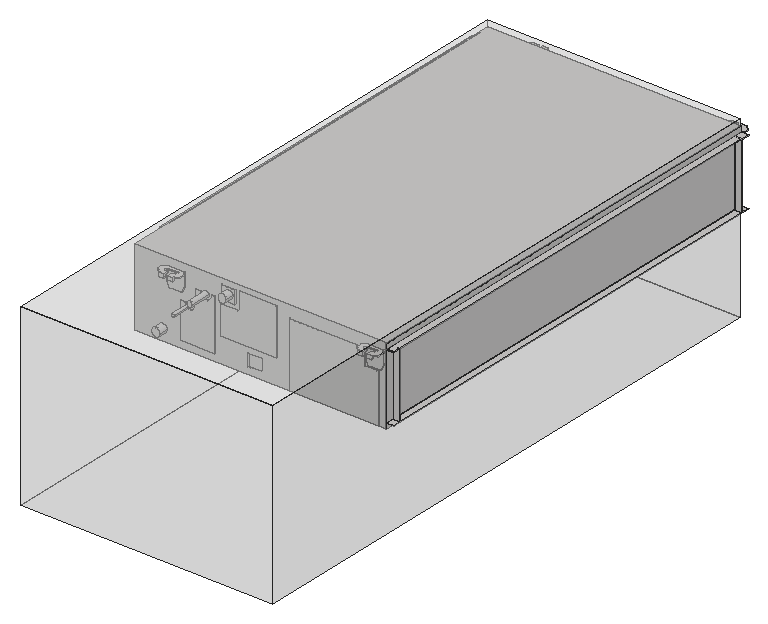
Revit family "outputfile", category 機械設備, Revit 2024
Family settings
  丸型コネクタ寸法 = 半径を使用
  パーツ タイプ = 標準
  OmniClass 番号 = 23.75.10.24.21.27.27
  OmniClass タイトル = Split System Air Conditioning Units
  作業面ベース = いいえ
  常に垂直 = はい
  ロード時にボイドで切り取り = いいえ
  注釈の向きを維持 = いいえ
  共有 = いいえ
  部屋計算ポイント = はい
Parameters (values of type "FBA48CV2S")
  製造元 = "Daikin"
  書き出し IFC クラス(タイプ) = "IfcUnitaryEquipmentType"
  定義済み IFC タイプ(タイプ) = "AIRCONDITIONINGUNIT"
  モデル = "FBA48CV2S"
  switch_frequency = yes
  r_Liquid Pipe Size = Liquid Pipe Size / 2  # 4.75 mm
  r_Gas Pipe Size = Gas Pipe Size / 2  # 7.95 mm
  r_Drain Pipe Size = Drain Pipe Size / 2  # 12.5 mm
  lw_power = 770.0 mm  # constant formula
  lh_SA = 138.0 mm  # constant formula
  lw_SA = if(Width = 550.0 mm, 225.0 mm, if(Width = 700.0 mm, 300.0 mm, if(Width = 1000.0 mm, 450.0 mm, if(Width = 1400.0 mm, 650.0 mm, 725.0 mm))))  # 650.0 mm
  lw_RA = if(Width = 550.0 mm, 275.0 mm, if(Width = 700.0 mm, 349.0 mm, if(Width = 1000.0 mm, 499.0 mm, if(Width = 1400.0 mm, 699.0 mm, 775.0 mm))))  # 699.0 mm
  lh_power = 60.0 mm + [h***]  # 60.0 mm
  lh_mountinghole1 = lh_mountinghole + [h***]  # 222.0 mm
  lh_RA = 123.0 mm  # constant formula
  ld_power = Width / 2  # 700.0 mm
  connector_voltage = Voltage_50Hz  # 220 V
  connector_powerinput = [Power Input (Cooling)]  # 5.444 kW
  connector_phase = Phase_50Hz  # 1
  Voltage_comment_50Hz = "220 - 240"
  Voltage_50Hz = 220 V
  Supply Air Direction [instance] = yes
  Phase_50Hz = 1
  Minimum External Static Pressure = 50.00 Pa
  Maximum External Static Pressure = 150.00 Pa
  Material_Casing = DAIKIN_GalvanizedSteel_Casing_indoorunit
  lw_mountinghole = 630.0 mm  # constant formula
  lh_gaspipe = 183.0 mm + [h***]  # 183.0 mm
  lh_mountinghole = 222.0 mm  # constant formula
  lh_liquidpipe = 136.0 mm + [h***]  # 136.0 mm
  lh_drainpipe = 207.0 mm + [h***]  # 207.0 mm
  lh_antena = Height - lh_mountinghole + 1.0 mm  # 24.0 mm
  ld_drainpipe = Width / 2 + 26.0 mm  # 726.0 mm
  ld_liquidpipe = Width / 2 + 69.0 mm  # 769.0 mm
  ld_gaspipe = Width / 2 + 65.0 mm  # 765.0 mm
  ld_mountinghole = Width + 38.0 mm  # 1438.0 mm
  h*** = 0.0 mm  # constant formula
  lw_liquidpipe = 179.0 mm  # constant formula
  lw_gaspipe = 229.0 mm  # constant formula
  lw_drainpipe = 300.0 mm  # constant formula
  Width = 1400.0 mm
  Version = "ver.1.0"
  Unit Type = "Duct"
  Unit Mass Weight = 47.00 kg
  Unit Designation [instance] = ""
  Uniclass2015Version = "Products v1.30"
  Uniclass2015Title = "Split coil room air conditioning units"
  Uniclass2015Code = "Pr_70_65_03_86"
  Total Cooling Capacity [instance] = 0.000 kW
  Sound Pressure Level_M speed (dBA) = 37.5
  Sound Pressure Level_L speed (dBA) = 35
  Sound Pressure Level_H speed (dBA) = 40
  Series = "SkyAir_Fan Coil Unit"
  Sensible Cooling Capacity [instance] = 0.000 kW
  SA Duct Size Width = 1192.0 mm
  SA Duct Size Height = 176.0 mm
  Refrigerant Type = "R32"
  RA Duct Size Width = 1352.0 mm
  RA Duct Size Height = 208.0 mm
  Power Input (Cooling) = 5.444 kW
  Option Accessory 3 [instance] = ""
  Option Accessory 2 [instance] = ""
  Option Accessory 1 [instance] = ""
  Nominal Cooling Capacity = 14.100 kW
  Minimum Airflow = 1500.00 m³/h
  Median Airflow = 1830.00 m³/h
  Maximum Airflow = 2160.00 m³/h
  Load Classification = HVAC
  Liquid Pipe Size = 9.5 mm
  Link_Nested Family [instance] = ""
  IfcVersion = ""
  IfcExportType = "AIRCONDITIONINGUNIT"
  IfcExportAs = "IfcUnitaryEquipmentType"
  Height = 245.0 mm
  Heat Exchanger Type = "Cross Fin Coil"
  Gas Pipe Size = 15.9 mm
  Frequency_50Hz = 50 Hz
  Fan Type = "Sirocco Fan"
  Fan Drive = "Direct Drive"
  FCU Tag No. [instance] = ""
  Drain Pipe Size = 25.0 mm
  Design Supply Airflow [instance] = 0.00 m³/h
  Design Return Airflow [instance] = 0.00 m³/h
  Design External Static Pressure [instance] = 0.00 Pa
  Depth = 800.0 mm
  既定の高さ = 0.0 mm
  Cooling Entering Wet Bulb Temperature [instance] = 0.00 °C
  Cooling Entering Dry Bulb Temperature [instance] = 0.00 °C
  Cooling Ambient Wet Bulb Temperature [instance] = 0.00 °C
  Cooling Ambient Dry Bulb Temperature [instance] = 0.00 °C
  Clearance visibility [instance] = yes
  Clearance Top = 20.0 mm
  Clearance Right = 0.0 mm
  Clearance Rear = 0.0 mm
  Clearance Left = 0.0 mm
  Clearance Front = 450.0 mm
  Clearance Bottom = 300.0 mm
Reference planes
  plane 1 "Center (Front/Back)": y = 0
  plane 2 "h": z = 0
  plane 3 "Center (Left/Right)": x = 0
  plane 4 "Back": y = 700
  plane 5 "Front": y = -700
  plane 6 "Left": x = -400
  plane 7 "Right": x = 400
  plane 8 "Top": z = 0
  plane 9 "Bottom": z = -245
  plane 10: y = -215
  plane 11: y = 700
  plane 12: y = -1150
  plane 13: x = -400
  plane 14: x = 400
  plane 15: z = 20
  plane 16: z = -545
  plane 17: x = -400
  plane 18: x = -399
  plane 19: x = 399
  plane 20: y = 50
  plane 21: y = -1
  plane 22: z = -122
  plane 23: y = -701
  plane 24: z = -109
  plane 25: x = -221
  plane 26: y = -765
  plane 27: z = -62
  plane 28: x = -171
  plane 29: y = -726
  plane 30: z = -38
  plane 31: x = -100
  plane 32: x = -100
  plane 33: x = -221
  plane 34: x = -171
  plane 35: x = 370
  plane 36: x = -266
  plane 37: x = 364
  plane 38: y = -719
  plane 39: y = 719
  plane 40: z = -23
  plane 41: z = -107
  plane 42: y = -769
  plane 43: z = -207
  plane 44: x = -309
  plane 45: y = -376
  plane 46: x = -251
  plane 47: x = -203
  plane 48: x = -144
  plane 49: z = -59
  plane 50: z = -106
  plane 51: z = -221
  plane 52: z = -109
  plane 53: x = -221
  plane 54: z = -62
  plane 55: x = -171
  plane 56: z = -17
  plane 57: z = -59
  plane 58: x = -121
  plane 59: x = -79
  plane 60: x = -125
  plane 61: x = -64
  plane 62: x = 53
  plane 63: z = -164
  plane 64: z = -73
  plane 65: z = -16
  plane 66: x = 93.5
  plane 67: x = 374.5
  plane 68: x = 330
  plane 69: z = -88.5
  plane 70: z = -38
  plane 71: z = -242.5
  plane 72: x = -38.5
  plane 73: x = 6.5
  plane 74: z = -181
  plane 75: z = -221
  plane 76: y = -699
  plane 77: x = -424
  plane 78: x = 424
Forms (mm)
  Extrusion 1, solid, material "DAIKIN_GalvanizedSteel_Casing_indoorunit" <- "Material_Casing"
    sketch origin (0, 0, 0) x (1, 0, 0) y (0, 1, 0)
      loop
        line (-399, 700) -> (-399, -700) -> (399, -700) -> (399, 700) -> (-399, 700)
    from -245 to 0
  Extrusion 2, solid, material "DAIKIN_GalvanizedSteel_Casing_indoorunit" <- "Material_Casing"
    sketch origin (0, 0, 0) x (1, 0, 0) y (0, 0, 1)
      loop
        line (-251, -221) -> (-144, -221) -> (-144, -59) -> (-154.47, -59)
        arc (-154.47, -59) -> (-171, -78.8) -> (-187.53, -59) r 16.8
        line (-187.53, -59) -> (-203, -59) -> (-203, -106) -> (-206.916, -106)
        arc (-206.916, -106) -> (-221, -123.4) -> (-235.084, -106) r 14.4
        line (-235.084, -106) -> (-251, -106) -> (-251, -221)
    from 700 to 701
  Extrusion 3, solid, material "DAIKIN_GalvanizedSteel_Casing_indoorunit" <- "Material_Casing"
    sketch origin (0, 0, 0) x (1, 0, 0) y (0, 0, 1)
      loop
        line (-121, -17) -> (-121, -59) -> (-79, -59) -> (-79, -17) -> (-121, -17)
      loop
        line (-125, -73) -> (-125, -164) -> (53, -164) -> (53, -16) -> (-64, -16) -> (-64, -73) -> (-125, -73)
    from 700 to 701
  Extrusion 4, solid, material "DAIKIN_GalvanizedSteel_Casing_indoorunit" <- "Material_Casing"
    sketch origin (0, 0, 0) x (1, 0, 0) y (0, 0, 1)
      loop
        line (93.5, -38) -> (93.5, -242.5) -> (374.5, -242.5) -> (374.5, -88.5) -> (330, -88.5) -> (330, -38) -> (93.5, -38)
    from 700 to 701
  Extrusion 5, solid, material "DAIKIN_GalvanizedSteel_Casing_indoorunit" <- "Material_Casing"
    sketch origin (0, 0, 0) x (1, 0, 0) y (0, 0, 1)
      loop
        circle (-221, -109) r 4.75
    from 700 to 769
  Extrusion 6, solid, material "DAIKIN_GalvanizedSteel_Casing_indoorunit" <- "Material_Casing"
    sketch origin (0, 0, 0) x (1, 0, 0) y (0, 0, 1)
      loop
        circle (-171, -62) r 7.95
    from 700 to 765
  Extrusion 7, solid, material "DAIKIN_GalvanizedSteel_Casing_indoorunit" <- "Material_Casing"
    sketch origin (0, 0, 0) x (1, 0, 0) y (0, 0, 1)
      loop
        circle (-100, -38) r 12.5
    from 701 to 726
  Extrusion 8, solid, material "DAIKIN_GalvanizedSteel_Casing_indoorunit" <- "Material_Casing"
    sketch origin (0, 0, 0) x (1, 0, 0) y (0, 0, 1)
      loop
        circle (-309, -207) r 13
    from 700 to 726
  Extrusion 9, void
    sketch origin (0, 0, 0) x (1, 0, 0) y (0, 0, 1)
      loop
        line (-38.5, -181) -> (-38.5, -221) -> (6.5, -221) -> (6.5, -181) -> (-38.5, -181)
    from 699 to 700
Cuts and joins
  Extrusion 9 cuts Extrusion 1
Dimensions and locks
  "Height": plane 8 "Top" to plane 9 "Bottom"
  equal spacing: plane 4 "Back", plane 1 "Center (Front/Back)", plane 5 "Front"
  "Width": plane 4 "Back" to plane 5 "Front"
  equal spacing: plane 6 "Left", plane 3 "Center (Left/Right)", plane 7 "Right"
  "Depth": plane 6 "Left" to plane 7 "Right"
  "Clearance Left": plane 13 to plane 6 "Left"
  "Clearance Right": plane 7 "Right" to plane 14
  "Clearance Rear": plane 11 to plane 4 "Back"
  "Clearance Front": plane 5 "Front" to plane 12
  "Clearance Top": plane 15 to plane 8 "Top"
  "Clearance Bottom": plane 9 "Bottom" to plane 16
  locked: plane 17 to plane 18 at 1
  locked: plane 19 to plane 14 at 1
  "lw_RA": plane 21 to plane 5 "Front"
  "lh_RA": plane 22 to plane 9 "Bottom"
  locked: plane 5 "Front" to plane 23 at 1
  "lw_liquidpipe": plane 25 to plane 6 "Left"
  "lh_liquidpipe": plane 24 to plane 9 "Bottom"
  "lh_gaspipe": plane 27 to plane 9 "Bottom"
  "lw_gaspipe": plane 28 to plane 6 "Left"
  "ld_gaspipe": plane 26 to plane 1 "Center (Front/Back)"
  "ld_drainpipe": plane 29 to plane 1 "Center (Front/Back)"
  "lh_drainpipe": plane 30 to plane 9 "Bottom"
  "lw_drainpipe": plane 31 to plane 6 "Left"
  "lw_drainpipe": plane 6 "Left" to plane 32
  "lw_liquidpipe": plane 6 "Left" to plane 33
  "lw_gaspipe": plane 6 "Left" to plane 34
  "lw_power": plane 6 "Left" to plane 35
  locked: plane 17 to plane 36 at 134
  "lw_mountinghole": plane 36 to plane 37
  equal spacing: plane 38, plane 1 "Center (Front/Back)", plane 39
  "ld_mountinghole": plane 39 to plane 38
  "lh_mountinghole": plane 40 to plane 9 "Bottom"
  "lh_SA": plane 41 to plane 9 "Bottom"
  locked: plane 44 to plane 6 "Left" at 91
  locked: plane 43 to plane 9 "Bottom" at 38
  plane 48 to plane 47 to plane 46 to plane 6 "Left" = 59.0 mm, 48.0 mm, 149.0 mm
  plane 8 "Top" to plane 49 to plane 50 to plane 51 = 59.0 mm locked, 47.0 mm locked, 115.0 mm locked
  plane 55 to plane 53 to plane 6 "Left" = 50.0 mm locked, 179.0 mm locked
  plane 54 to plane 52 to plane 9 "Bottom" = 47.0 mm locked, 136.0 mm locked
  plane 59 to plane 58 to plane 6 "Left" = 42.0 mm locked, 279.0 mm locked
  plane 8 "Top" to plane 56 to plane 57 = 17.0 mm locked, 42.0 mm locked
  plane 62 to plane 61 to plane 60 to plane 6 "Left" = 117.0 mm, 61.0 mm, 275.0 mm
  plane 8 "Top" to plane 65 to plane 64 = 16.0 mm locked, 57.0 mm locked
  locked: plane 65 to plane 63 at 148
  plane 8 "Top" to plane 70 to plane 69 to plane 71 = 38.0 mm locked, 50.5 mm locked, 154.0 mm locked
  plane 67 to plane 68 to plane 66 to plane 6 "Left" = 44.5 mm locked, 236.5 mm locked, 493.5 mm locked
  plane 8 "Top" to plane 74 to plane 75 = 181.0 mm locked, 40.0 mm locked
  plane 73 to plane 72 to plane 6 "Left" = 45.0 mm, 361.5 mm
  locked: plane 76 to plane 5 "Front" at 1
  locked: plane 77 to plane 17 at 24
  locked: plane 14 to plane 78 at 24
  "ld_liquidpipe": plane 42 to plane 1 "Center (Front/Back)"
  "lw_SA": plane 4 "Back" to plane 20
  "r_Liquid Pipe Size": radius of Extrusion 5 sketch curve
  "r_Gas Pipe Size": radius of Extrusion 6 sketch curve
  "r_Drain Pipe Size": radius of Extrusion 7 sketch curve
  aligned and locked: level to plane 2 "h"
  aligned and locked: plane 8 "Top" to Extrusion 1
  aligned and locked: Extrusion 1 to plane 9 "Bottom"
  aligned and locked: nested 5 to plane 12
  aligned and locked: plane 13 to nested 5
  aligned and locked: plane 14 to nested 5
  aligned and locked: nested 5 to plane 13
  aligned and locked: plane 11 to nested 5
  aligned and locked: plane 15 to nested 5
  aligned and locked: plane 16 to nested 5
  aligned and locked: plane 5 "Front" to Extrusion 1 sketch curve
  aligned and locked: Extrusion 1 to plane 18
  aligned and locked: plane 19 to Extrusion 1
  aligned and locked: nested 7 to plane 18
  aligned and locked: nested 7 to plane 20
  aligned and locked: plane 19 to nested 8
  aligned and locked: plane 21 to nested 8
  aligned and locked: plane 22 to nested 8
  aligned and locked: Extrusion 2 to plane 23
  aligned and locked: plane 5 "Front" to Extrusion 2
  aligned and locked: Extrusion 3 to plane 23
  aligned and locked: plane 5 "Front" to Extrusion 3
  aligned and locked: plane 5 "Front" to Extrusion 4
  aligned and locked: Extrusion 5 sketch curve to plane 25
  aligned and locked: plane 24 to Extrusion 5 sketch curve
  aligned and locked: plane 5 "Front" to Extrusion 5
  aligned and locked: Extrusion 6 sketch curve to plane 28
  aligned and locked: plane 27 to Extrusion 6 sketch curve
  aligned and locked: plane 5 "Front" to Extrusion 6
  aligned and locked: Extrusion 7 sketch curve to plane 31
  aligned and locked: Extrusion 7 sketch curve to plane 30
  aligned and locked: Extrusion 7 to plane 29
  aligned and locked: plane 23 to Extrusion 7
  aligned and locked: nested 3 to plane 29
  aligned and locked: nested 3 to plane 32
  aligned and locked: nested 2 to plane 33
  aligned and locked: nested 1 to plane 34
  aligned and locked: Extrusion 6 to plane 26
  aligned and locked: nested 1 to plane 26
  aligned and locked: nested 6 to plane 5 "Front"
  aligned and locked: nested 6 to plane 35
  aligned and locked: plane 36 to nested 10
  aligned and locked: nested 10 to plane 5 "Front"
  aligned and locked: plane 37 to nested 9
  aligned and locked: nested 9 to plane 5 "Front"
  aligned and locked: nested 11 to plane 36
  aligned and locked: plane 4 "Back" to nested 11
  aligned and locked: nested 12 to plane 37
  aligned and locked: plane 4 "Back" to nested 12
  aligned and locked: plane 40 to nested 10
  aligned and locked: plane 40 to nested 11
  aligned and locked: plane 40 to nested 9
  aligned and locked: plane 40 to nested 12
  aligned and locked: plane 36 to nested 14
  aligned and locked: nested 14 to plane 39
  aligned and locked: plane 37 to nested 13
  aligned and locked: nested 13 to plane 39
  aligned and locked: plane 37 to nested 16
  aligned and locked: plane 38 to nested 16
  aligned and locked: plane 38 to nested 15
  aligned and locked: plane 36 to nested 15
  aligned and locked: plane 17 to plane 6 "Left"
  aligned and locked: plane 41 to nested 7
  aligned and locked: Extrusion 5 to plane 42
  aligned and locked: nested 2 to plane 42
  aligned and locked: Extrusion 8 sketch curve to plane 44
  aligned and locked: plane 43 to Extrusion 8 sketch curve
  aligned and locked: plane 5 "Front" to Extrusion 8
  aligned and locked: Extrusion 3 sketch curve to plane 56
  aligned and locked: Extrusion 3 sketch curve to plane 58
  aligned and locked: plane 57 to Extrusion 3 sketch curve
  aligned and locked: plane 59 to Extrusion 3 sketch curve
  aligned and locked: Extrusion 4 to plane 23
  aligned and locked: Extrusion 9 sketch curve to plane 74
  aligned and locked: plane 75 to Extrusion 9 sketch curve
  aligned and locked: plane 73 to Extrusion 9 sketch curve
  aligned and locked: plane 5 "Front" to Extrusion 9
  aligned and locked: plane 76 to Extrusion 9
  aligned and locked: nested 17 to plane 20
  aligned and locked: nested 17 to plane 77
  aligned and locked: plane 21 to nested 18
  aligned and locked: plane 78 to nested 18
  aligned and locked: plane 41 to nested 17
  aligned and locked: nested 18 to plane 22
  aligned and locked: nested 4 to plane 3 "Center (Left/Right)"
  aligned and locked: plane 1 "Center (Front/Back)" to nested 4
  aligned and locked: level to plane 8 "Top"
  aligned and locked: Extrusion 8 to plane 29
Automatic sketch dimensions
  plane 6 "Left" to Extrusion 1 sketch curve = 1.0 mm
  Extrusion 1 sketch curve to plane 7 "Right" = 1.0 mm
  Extrusion 1 sketch curve to plane 4 "Back" = 0.0 mm
  Extrusion 2 sketch curve to plane 46 = 0.0 mm
  Extrusion 2 sketch curve to plane 33 = 0.0 mm
  Extrusion 2 sketch curve to plane 47 = 0.0 mm
  Extrusion 2 sketch curve to plane 34 = 0.0 mm
  Extrusion 2 sketch curve to plane 48 = 0.0 mm
  Extrusion 2 sketch curve to plane 51 = 0.0 mm
  Extrusion 2 sketch curve to plane 52 = 0.0 mm
  Extrusion 2 sketch curve to plane 50 = 0.0 mm  (x3)
  Extrusion 2 sketch curve to plane 54 = 0.0 mm
  Extrusion 2 sketch curve to plane 49 = 0.0 mm  (x3)
  plane 33 to Extrusion 2 sketch curve = 14.084 mm
  plane 34 to Extrusion 2 sketch curve = 16.53 mm
  Extrusion 3 sketch curve to plane 60 = 0.0 mm
  Extrusion 3 sketch curve to plane 61 = 0.0 mm
  Extrusion 3 sketch curve to plane 62 = 0.0 mm
  Extrusion 3 sketch curve to plane 63 = 0.0 mm
  Extrusion 3 sketch curve to plane 64 = 0.0 mm
  Extrusion 3 sketch curve to plane 65 = 0.0 mm
  Extrusion 4 sketch curve to plane 66 = 0.0 mm
  Extrusion 4 sketch curve to plane 68 = 0.0 mm
  Extrusion 4 sketch curve to plane 67 = 0.0 mm
  Extrusion 4 sketch curve to plane 71 = 0.0 mm
  Extrusion 4 sketch curve to plane 69 = 0.0 mm
  Extrusion 4 sketch curve to plane 70 = 0.0 mm
  Extrusion 9 sketch curve to plane 72 = 0.0 mm
  radius of Extrusion 8 sketch curve = 13.0 mm
Nested families
  nested 1: "daikin_connector_rotate2" at (-171, 0, -62), length <- "ld_gaspipe", built-in parameter 1001364 <- "lh_gaspipe", radius <- "r_Gas Pipe Size", type "daikin_connector_rotate2"
    with radius 7.95 mm, length 765.0 mm, angle_vertical 90.00°
  nested 2: "daikin_connector_rotate2" at (-221, 0, -109), length <- "ld_liquidpipe", built-in parameter 1001364 <- "lh_liquidpipe", radius <- "r_Liquid Pipe Size", type "daikin_connector_rotate2"
    with radius 4.75 mm, length 769.0 mm, angle_vertical 90.00°
  nested 3: "daikin_connector_rotate2" at (-100, 0, -38), length <- "ld_drainpipe", built-in parameter 1001364 <- "lh_drainpipe", radius <- "r_Drain Pipe Size", type "daikin_connector_rotate2"
    with radius 12.5 mm, length 726.0 mm, angle_vertical 90.00°
  nested 4: "daikin_△_symbolicline" at (0, 0, 245) x (0, -1, 0) z (0, 0, 1), built-in parameter 1001364 <- "Height", visible <- "Supply Air Direction", type "daikin_△_symbolicline"
    with length 200.0 mm
  nested 5: "daikin_clearancespace" at (0, -225, -262.381), visible <- "Clearance visibility", show <- "Clearance visibility", Link_Nested Family <- "Link_Nested Family", type "daikin_clearancespace"
    with width 800.0 mm, show yes, height 565.0 mm, depth 1850.0 mm, Link_Nested Family ""
  nested 6: "daikin_connector_rotate2" at (370, 0, -185), built-in parameter 1001364 <- "lh_power", length <- "ld_power", type "daikin_connector_rotate2"
    with radius 10.0 mm, length 700.0 mm, angle_vertical 90.00°
  nested 7: "daikin_ductflange_FBA-CV2S2" at (-399, 50, -107) x (0, -1, 0) z (0, 0, 1), type "daikin_ductflange_FBA-CV2S2"
  nested 8: "daikin_ductflange_FBA-CV2S" at (399, -1, -122) x (0, 1, 0) z (0, 0, 1), type "daikin_ductflange_FBA-CV2S"
    with width 1352.0 mm, lw 25.0 mm, w 1400.0 mm
  nested 9: "daikin_hangerfixture_FBA-CV2S" at (364, -700, -23), type "daikin_hangerfixture_FBA-CV2S"
  nested 10: "daikin_hangerfixture_FBA-CV2S" at (-266, -700, -23), type "daikin_hangerfixture_FBA-CV2S"
  nested 11: "daikin_hangerfixture_FBA-CV2S" at (-266, 700, -23) x (-1, 0, 0) z (0, 0, 1), type "daikin_hangerfixture_FBA-CV2S"
  nested 12: "daikin_hangerfixture_FBA-CV2S" at (364, 700, -23) x (-1, 0, 0) z (0, 0, 1), type "daikin_hangerfixture_FBA-CV2S"
  nested 13: "daikin_mountinghole" at (364, 719, -245), h_mountinghole <- "lh_mountinghole1", l_antenna <- "lh_antena", Link_Nested Family <- "Link_Nested Family", type "daikin_mountinghole"
    with show yes, l_antenna 24.0 mm, h_mountinghole 222.0 mm, Link_Nested Family ""
  nested 14: "daikin_mountinghole" at (-266, 719, -245), h_mountinghole <- "lh_mountinghole1", l_antenna <- "lh_antena", Link_Nested Family <- "Link_Nested Family", type "daikin_mountinghole"
    with show yes, l_antenna 24.0 mm, h_mountinghole 222.0 mm, Link_Nested Family ""
  nested 15: "daikin_mountinghole" at (-266, -719, -245), h_mountinghole <- "lh_mountinghole1", l_antenna <- "lh_antena", Link_Nested Family <- "Link_Nested Family", type "daikin_mountinghole"
    with show yes, l_antenna 24.0 mm, h_mountinghole 222.0 mm, Link_Nested Family ""
  nested 16: "daikin_mountinghole" at (364, -719, -245), h_mountinghole <- "lh_mountinghole1", l_antenna <- "lh_antena", Link_Nested Family <- "Link_Nested Family", type "daikin_mountinghole"
    with show yes, l_antenna 24.0 mm, h_mountinghole 222.0 mm, Link_Nested Family ""
  nested 17: "daikin_connector_rotate2" at (-400, 50, -107) x (0, -1, 0) z (0, 0, 1), type "daikin_connector_rotate2"
    with radius 10.0 mm, length 24.0 mm, angle_vertical 90.00°
  nested 18: "daikin_connector_rotate2" at (400, -1, -122) x (0, 1, 0) z (0, 0, 1), type "daikin_connector_rotate2"
    with radius 10.0 mm, length 24.0 mm, angle_vertical 90.00°
Connectors
  piping at (-100, -726, -38), diameter 25, driven by "r_Drain Pipe Size"
    settings: on nested 3, index 3, connector inside diameter 609.6 mm, connector length 0.0 mm, flow factor 0, pipe flow 0.00 m³/h, pressure drop 0.0 Pa, fitting loss kfactor 0, connector angle 0.00°, fixture units 0, engagement length 0.0 mm, angle of deflection 0.00°, flow configuration 1, flow direction 2, fitting loss method 4, system type 16, joint type 0, gender type 0, connector reference index -1, connector utility 0, adjustable connector no, is connector primary yes, connector description "Condensate Drain Piping"
  piping at (-171, -765, -62), diameter 15.9, driven by "r_Gas Pipe Size"
    settings: on nested 1, index 4, connector inside diameter 609.6 mm, connector length 0.0 mm, flow factor 0, pipe flow 0.00 m³/h, pressure drop 0.0 Pa, fitting loss kfactor 0, connector angle 0.00°, fixture units 0, engagement length 0.0 mm, angle of deflection 0.00°, flow configuration 1, flow direction 2, fitting loss method 0, system type 29, joint type 0, gender type 0, connector reference index -1, connector utility 0, adjustable connector no, is connector primary no, connector description "Refrigerant Gas Piping"
  piping at (-221, -769, -109), diameter 9.5, driven by "r_Liquid Pipe Size"
    settings: on nested 2, index 5, connector inside diameter 609.6 mm, connector length 0.0 mm, flow factor 0, pipe flow 0.00 m³/h, pressure drop 0.0 Pa, fitting loss kfactor 0, connector angle 0.00°, fixture units 0, engagement length 0.0 mm, angle of deflection 0.00°, flow configuration 1, flow direction 1, fitting loss method 0, system type 29, joint type 0, gender type 0, connector reference index -1, connector utility 0, adjustable connector no, is connector primary no, connector description "Refrigerant Liquid Piping"
  electrical at (370, -700, -185), driven by "Load Classification", driven by "connector_voltage", driven by "connector_phase", driven by "connector_powerinput"
    settings: on nested 6, index 6, voltage 220 V, apparent load 5444 VA, apparent load phase1 0 VA, apparent load phase2 0 VA, apparent load phase3 0 VA, power factor 1, load classification "HVAC", number of poles 1, system type 30, power factor state 1, is connector primary yes, connector utility no, sub classification motor no, connector description "Power Supply"
  hvac at (-424, 50, -107), driven by "SA Duct Size Height", driven by "SA Duct Size Width"
    settings: on nested 17, index 7, duct flow 0.00 m³/h, flow factor 0, pres drop 0.00 Pa, loss coef 0, conn angle 0.00°, conn width 1192.0 mm, conn height 176.0 mm, conn diameter 609.6 mm, duct sys type 1, conn prof type 1, flow config 0, flow direction 2, loss method 4, conn ref index -1, conn util no, is conn primary yes, conn desc "SA Duct"
  hvac at (424, -1, -122), driven by "RA Duct Size Height", driven by "RA Duct Size Width"
    settings: on nested 18, index 8, duct flow 0.00 m³/h, flow factor 0, pres drop 0.00 Pa, loss coef 0, conn angle 0.00°, conn width 1352.0 mm, conn height 208.0 mm, conn diameter 609.6 mm, duct sys type 2, conn prof type 1, flow config 0, flow direction 1, loss method 4, conn ref index -1, conn util no, is conn primary no, conn desc "RA Duct"
Definition of nested family "daikin_clearancespace"
  Parameters (values of type "daikin_clearancespace")
    Description = "daikin_clearancespace"
    width [instance] = 1823.963 mm
    show [instance] = yes
    material = none
    height [instance] = 1359.762 mm
    depth [instance] = 880.0 mm
    Default Elevation = 0.0 mm
    Link_Nested Family [instance] = ""
  Reference planes
    plane 1 "Center (Front/Back)": y = 0
    plane 2 "Center (Elevation)": z = -0.119
    plane 3 "Center (Left/Right)": x = 0
    plane 4: y = 440
    plane 5: y = -440
    plane 6 "Right": x = 911.982
    plane 7 "Left": x = -911.982
    plane 8 "Top": z = 679.762
    plane 9 "Bottom": z = -680
  Forms (mm)
    Extrusion 1, solid, material <- "material", visible <- "show"
      sketch origin (0, 0, 0) x (1, 0, 0) y (0, 1, 0)
        loop
          line (-911.982, 440) -> (-911.982, -440) -> (911.982, -440) -> (911.982, 440) -> (-911.982, 440)
      from -680 to 679.762
  Lines and regions (mm)
    symbolic lines, visible <- "show"
      curve 1: line (911.982, 440, 0) -> (-911.982, 440, 0)
      curve 2: line (-911.982, 440, 0) -> (-911.982, -440, 0)
      curve 3: line (-911.982, -440, 0) -> (911.982, -440, 0)
      curve 4: line (911.982, -440, 0) -> (911.982, 440, 0)
      curve 5: line (911.982, 0, 679.762) -> (-911.982, 0, 679.762)
      curve 6: line (911.982, 0, -680) -> (911.982, 0, 679.762)
      curve 7: line (-911.982, 0, -680) -> (911.982, 0, -680)
      curve 8: line (-911.982, 0, 679.762) -> (-911.982, 0, -680)
      curve 9: line (0, 440, 679.762) -> (0, -440, 679.762)
      curve 10: line (0, -440, 679.762) -> (0, -440, -680)
      curve 11: line (0, 440, -680) -> (0, 440, 679.762)
      curve 12: line (0, -440, -680) -> (0, 440, -680)
  Dimensions and locks
    "width": plane 7 "Left" to plane 6 "Right"
    "depth": plane 4 to plane 5
    "height": plane 8 "Top" to plane 9 "Bottom"
    equal spacing: plane 7 "Left", plane 3 "Center (Left/Right)", plane 6 "Right"
    equal spacing: plane 4, plane 1 "Center (Front/Back)", plane 5
    equal spacing: plane 8 "Top", plane 2 "Center (Elevation)", plane 9 "Bottom"
    aligned and locked: level to plane 2 "Center (Elevation)"
    aligned and locked: Extrusion 1 sketch curve to plane 4
    aligned and locked: plane 7 "Left" to Extrusion 1 sketch curve
    aligned and locked: Extrusion 1 sketch curve to plane 5
    aligned and locked: Extrusion 1 sketch curve to plane 6 "Right"
    aligned and locked: plane 8 "Top" to Extrusion 1
    aligned and locked: curve 1 to Extrusion 1
    aligned and locked: curve 2 to Extrusion 1
    aligned and locked: curve 3 to Extrusion 1
    aligned and locked: curve 4 to Extrusion 1
    aligned and locked: curve 5 to Extrusion 1
    aligned and locked: curve 6 to Extrusion 1
    aligned and locked: curve 7 to Extrusion 1
    aligned and locked: curve 8 to Extrusion 1
    aligned and locked: curve 9 to Extrusion 1
    aligned and locked: curve 10 to Extrusion 1
    aligned and locked: curve 11 to Extrusion 1
    aligned and locked: curve 12 to Extrusion 1
    aligned and locked: Extrusion 1 to plane 9 "Bottom"
Definition of nested family "daikin_ductflange_FBA-CV2S2"
  Parameters (values of type "daikin_ductflange_FBFC-DVMG2")
    width = if(w = 550.0 mm, 337.0 mm, if(w = 700.0 mm, 492.0 mm, if(w = 1000.0 mm, 792.0 mm, if(w = 1400.0 mm, 1192.0 mm, 1337.0 mm))))  # 1192.0 mm
    material = none
    height = 215.0 mm
    depth = 1.0 mm
    w = 1400.0 mm
    Default Elevation = 0.0 mm
  Reference planes
    plane 1 "Center (Front/Back)": y = 0
    plane 2: z = 0
    plane 3 "Center (Left/Right)": x = 0
    plane 4: z = 88
    plane 5: z = -88
    plane 6: y = -25
    plane 7: z = 106
    plane 8: z = 89
    plane 9: y = -1
    plane 10: x = -617.5
    plane 11: x = 617.5
    plane 12: z = -106
    plane 13: z = -89
    plane 14: y = -1
    plane 15: x = 596
    plane 16: x = -596
    plane 17: x = 597
    plane 18: z = 87
    plane 19: z = -87
    plane 20: x = -597
    plane 21: z = 87
    plane 22: z = -87
    plane 23: y = -1
  Forms (mm)
    Extrusion 1, solid, material <- "material"
      sketch origin (0, 0, 0) x (0, 1, 0) y (0, 0, 1)
        loop
          line (-25, 88) -> (0, 88) -> (0, 106) -> (-1, 106) -> (-1, 89) -> (-25, 89) -> (-25, 88)
      from -617.5 to 617.5
    Extrusion 2, solid, material <- "material"
      sketch origin (0, 0, 0) x (0, 1, 0) y (0, 0, 1)
        loop
          line (-25, -88) -> (-25, -89) -> (-1, -89) -> (-1, -106) -> (0, -106) -> (0, -88) -> (-25, -88)
      from -617.5 to 617.5
    Extrusion 3, solid, material <- "material"
      sketch origin (0, 0, 0) x (1, 0, 0) y (0, 0, 1)
        loop
          line (596, 88) -> (596, -88) -> (617.5, -88) -> (617.5, -87) -> (597, -87) -> (597, 87) -> (617.5, 87) -> (617.5, 88) -> (596, 88)
      from 0 to 25
    Extrusion 4, solid, material <- "material"
      sketch origin (0, 0, 0) x (1, 0, 0) y (0, 0, 1)
        loop
          line (-617.5, 88) -> (-617.5, 87) -> (-597, 87) -> (-597, -87) -> (-617.5, -87) -> (-617.5, -88) -> (-596, -88) -> (-596, 88) -> (-617.5, 88)
      from 0 to 25
    Extrusion 5, solid, material <- "material"
      sketch origin (0, 0, 0) x (1, 0, 0) y (0, 0, 1)
        loop
          line (-617.5, 88) -> (-617.5, -88) -> (-596, -88) -> (-596, 88) -> (-617.5, 88)
        loop
          line (617.5, 88) -> (596, 88) -> (596, -88) -> (617.5, -88) -> (617.5, 88)
      from 0 to 1
  Cuts and joins
    joined: Extrusion 1, Extrusion 2, Extrusion 3, Extrusion 4, Extrusion 5
  Dimensions and locks
    plane 4 to level to plane 5 = 88.0 mm, 88.0 mm
    locked: plane 6 to plane 1 "Center (Front/Back)" at 25
    locked: plane 9 to plane 1 "Center (Front/Back)" at 1
    locked: plane 8 to plane 4 at 1
    locked: plane 16 to plane 10 at 21.5
    locked: plane 17 to plane 15 at 1
    locked: plane 4 to plane 18 at 1
    locked: plane 19 to plane 5 at 1
    "width": plane 15 to plane 16
    plane 4 to plane 5 = 176.0 mm
    locked: plane 16 to plane 20 at 1
    locked: plane 4 to plane 21 at 1
    locked: plane 22 to plane 5 at 1
    locked: plane 23 to plane 1 "Center (Front/Back)" at 1
    plane 4 to level to plane 5 = 88.0 mm locked, 88.0 mm locked
    locked: plane 5 to plane 13 at 1
    locked: plane 5 to plane 12 at 18
    locked: plane 7 to plane 4 at 18
    equal spacing: plane 15, plane 3 "Center (Left/Right)", plane 16
    locked: plane 11 to plane 15 at 21.5
    plane 11 to plane 10 = 1235.0 mm
    aligned and locked: level to plane 2
    aligned and locked: Extrusion 1 to plane 10
    aligned and locked: plane 11 to Extrusion 1
    aligned and locked: plane 5 to Extrusion 2
    aligned and locked: Extrusion 2 to plane 1 "Center (Front/Back)"
    aligned and locked: plane 15 to Extrusion 3 sketch curve
    aligned and locked: Extrusion 3 sketch curve to Extrusion 2  (x2)
    aligned and locked: Extrusion 3 sketch curve to plane 11
    aligned and locked: plane 6 to Extrusion 3
    aligned and locked: Extrusion 2 to plane 10
    aligned and locked: plane 11 to Extrusion 2
    aligned and locked: Extrusion 4 sketch curve to Extrusion 1  (x2)
    aligned and locked: plane 5 to Extrusion 4 sketch curve
    aligned and locked: Extrusion 4 sketch curve to plane 16
    aligned and locked: Extrusion 4 sketch curve to plane 22
    aligned and locked: plane 20 to Extrusion 4 sketch curve
    aligned and locked: plane 21 to Extrusion 4 sketch curve
    aligned and locked: Extrusion 4 to plane 1 "Center (Front/Back)"
    aligned and locked: plane 6 to Extrusion 4
    aligned and locked: Extrusion 5 sketch curve to Extrusion 1  (x4)
    aligned and locked: Extrusion 5 sketch curve to Extrusion 4  (x2)
    aligned and locked: Extrusion 5 sketch curve to Extrusion 3  (x2)
    aligned and locked: Extrusion 5 to plane 1 "Center (Front/Back)"
    aligned and locked: plane 23 to Extrusion 5
  Automatic sketch dimensions
    Extrusion 1 sketch curve to plane 6 = 0.0 mm
    Extrusion 1 sketch curve to plane 7 = 0.0 mm
    Extrusion 1 sketch curve to plane 9 = 0.0 mm
    Extrusion 1 sketch curve to plane 1 "Center (Front/Back)" = 0.0 mm
    Extrusion 1 sketch curve to plane 4 = 0.0 mm
    Extrusion 1 sketch curve to plane 8 = 0.0 mm
    Extrusion 2 sketch curve to plane 6 = 0.0 mm
    plane 12 to Extrusion 2 sketch curve = 0.0 mm
    Extrusion 2 sketch curve to plane 14 = 0.0 mm
    Extrusion 2 sketch curve to plane 1 "Center (Front/Back)" = 0.0 mm
    plane 13 to Extrusion 2 sketch curve = 0.0 mm
    Extrusion 2 sketch curve to plane 5 = 0.0 mm
    Extrusion 3 sketch curve to plane 17 = 0.0 mm
    Extrusion 3 sketch curve to plane 19 = 0.0 mm
    Extrusion 3 sketch curve to plane 18 = 0.0 mm
    Extrusion 3 sketch curve to plane 4 = 0.0 mm
    Extrusion 4 sketch curve to plane 10 = 0.0 mm
Definition of nested family "daikin_ductflange_FBA-CV2S"
  Parameters (values of type "daikin_ductflange_FBFC-DVMG")
    width = if(w = 550.0 mm, 502.0 mm, if(w = 700.0 mm, 654.0 mm, if(w = 1000.0 mm, 952.0 mm, if(w = 1400.0 mm, 1352.0 mm, 1502.0 mm))))  # 654.0 mm
    material = none
    lw = if(width = 654.0 mm, 23.0 mm, 25.0 mm)  # 23.0 mm
    height = 208.0 mm
    depth = 1.0 mm
    w = 700.0 mm
    Default Elevation = 0.0 mm
  Reference planes
    plane 1 "Center (Front/Back)": y = 0
    plane 2: z = 0
    plane 3 "Center (Left/Right)": x = 0
    plane 4: z = 104
    plane 5: z = -104
    plane 6: y = -25
    plane 7: z = 121
    plane 8: z = 105
    plane 9: y = -1
    plane 10: x = -350
    plane 11: x = 350
    plane 12: z = -122
    plane 13: z = -105
    plane 14: y = -1
    plane 15: x = 327
    plane 16: x = -327
    plane 17: x = 328
    plane 18: z = 103
    plane 19: z = -103
    plane 20: x = -328
    plane 21: z = 103
    plane 22: z = -103
    plane 23: y = -1
  Forms (mm)
    Extrusion 1, solid, material <- "material"
      sketch origin (0, 0, 0) x (0, 1, 0) y (0, 0, 1)
        loop
          line (-25, 104) -> (0, 104) -> (0, 121) -> (-1, 121) -> (-1, 105) -> (-25, 105) -> (-25, 104)
      from -350 to 350
    Extrusion 2, solid, material <- "material"
      sketch origin (0, 0, 0) x (0, 1, 0) y (0, 0, 1)
        loop
          line (-25, -104) -> (-25, -105) -> (-1, -105) -> (-1, -122) -> (0, -122) -> (0, -104) -> (-25, -104)
      from -350 to 350
    Extrusion 3, solid, material <- "material"
      sketch origin (0, 0, 0) x (1, 0, 0) y (0, 0, 1)
        loop
          line (327, 104) -> (327, -104) -> (350, -104) -> (350, -103) -> (328, -103) -> (328, 103) -> (350, 103) -> (350, 104) -> (327, 104)
      from 0 to 25
    Extrusion 4, solid, material <- "material"
      sketch origin (0, 0, 0) x (1, 0, 0) y (0, 0, 1)
        loop
          line (-350, 104) -> (-350, 103) -> (-328, 103) -> (-328, -103) -> (-350, -103) -> (-350, -104) -> (-327, -104) -> (-327, 104) -> (-350, 104)
      from 0 to 25
    Extrusion 5, solid, material <- "material"
      sketch origin (0, 0, 0) x (1, 0, 0) y (0, 0, 1)
        loop
          line (-350, 104) -> (-350, -104) -> (-327, -104) -> (-327, 104) -> (-350, 104)
        loop
          line (350, 104) -> (327, 104) -> (327, -104) -> (350, -104) -> (350, 104)
      from 0 to 1
  Cuts and joins
    joined: Extrusion 1, Extrusion 2, Extrusion 3, Extrusion 4, Extrusion 5
  Dimensions and locks
    plane 4 to level to plane 5 = 104.0 mm, 104.0 mm
    locked: plane 6 to plane 1 "Center (Front/Back)" at 25
    locked: plane 9 to plane 1 "Center (Front/Back)" at 1
    locked: plane 8 to plane 4 at 1
    "lw": plane 11 to plane 15
    "lw": plane 16 to plane 10
    locked: plane 17 to plane 15 at 1
    locked: plane 4 to plane 18 at 1
    locked: plane 19 to plane 5 at 1
    "width": plane 15 to plane 16
    equal spacing: plane 15, plane 3 "Center (Left/Right)", plane 16
    locked: plane 16 to plane 20 at 1
    locked: plane 4 to plane 21 at 1
    locked: plane 22 to plane 5 at 1
    locked: plane 23 to plane 1 "Center (Front/Back)" at 1
    locked: plane 7 to plane 4 at 17
    locked: plane 1 "Center (Front/Back)" to plane 14 at 1
    locked: plane 5 to plane 13 at 1
    "height": plane 4 to plane 5
    plane 11 to plane 10 = 700.0 mm
    locked: plane 12 to plane 13 at 17
    equal spacing: plane 4, level, plane 5
    aligned and locked: level to plane 2
    aligned and locked: Extrusion 1 to plane 10
    aligned and locked: plane 11 to Extrusion 1
    aligned and locked: plane 5 to Extrusion 2
    aligned and locked: Extrusion 2 to plane 1 "Center (Front/Back)"
    aligned and locked: plane 15 to Extrusion 3 sketch curve
    aligned and locked: Extrusion 3 sketch curve to Extrusion 2  (x2)
    aligned and locked: Extrusion 3 sketch curve to plane 11
    aligned and locked: plane 6 to Extrusion 3
    aligned and locked: Extrusion 2 to plane 10
    aligned and locked: plane 11 to Extrusion 2
    aligned and locked: Extrusion 4 sketch curve to Extrusion 1  (x2)
    aligned and locked: plane 5 to Extrusion 4 sketch curve
    aligned and locked: Extrusion 4 sketch curve to plane 16
    aligned and locked: Extrusion 4 sketch curve to plane 22
    aligned and locked: plane 20 to Extrusion 4 sketch curve
    aligned and locked: plane 21 to Extrusion 4 sketch curve
    aligned and locked: Extrusion 4 to plane 1 "Center (Front/Back)"
    aligned and locked: plane 6 to Extrusion 4
    aligned and locked: Extrusion 5 sketch curve to Extrusion 1  (x4)
    aligned and locked: Extrusion 5 sketch curve to Extrusion 4  (x2)
    aligned and locked: Extrusion 5 sketch curve to Extrusion 3  (x2)
    aligned and locked: Extrusion 5 to plane 1 "Center (Front/Back)"
    aligned and locked: plane 23 to Extrusion 5
  Automatic sketch dimensions
    Extrusion 1 sketch curve to plane 6 = 0.0 mm
    Extrusion 1 sketch curve to plane 7 = 0.0 mm
    Extrusion 1 sketch curve to plane 9 = 0.0 mm
    Extrusion 1 sketch curve to plane 1 "Center (Front/Back)" = 0.0 mm
    Extrusion 1 sketch curve to plane 4 = 0.0 mm
    Extrusion 1 sketch curve to plane 8 = 0.0 mm
    Extrusion 2 sketch curve to plane 6 = 0.0 mm
    plane 12 to Extrusion 2 sketch curve = 0.0 mm
    Extrusion 2 sketch curve to plane 14 = 0.0 mm
    Extrusion 2 sketch curve to plane 1 "Center (Front/Back)" = 0.0 mm
    plane 13 to Extrusion 2 sketch curve = 0.0 mm
    Extrusion 2 sketch curve to plane 5 = 0.0 mm
    Extrusion 3 sketch curve to plane 17 = 0.0 mm
    Extrusion 3 sketch curve to plane 19 = 0.0 mm
    Extrusion 3 sketch curve to plane 18 = 0.0 mm
    Extrusion 3 sketch curve to plane 4 = 0.0 mm
    Extrusion 4 sketch curve to plane 10 = 0.0 mm
Definition of nested family "daikin_hangerfixture_FBA-CV2S"
  Parameters (values of type "daikin_hangerfixture_FXMQ-PAVE")
    width = 72.0 mm
    material = none
    height = 60.0 mm
    depth = 41.0 mm
    Default Elevation = 0.0 mm
  Reference planes
    plane 1 "Center (Front/Back)": y = 0
    plane 2: z = 0
    plane 3 "Center (Left/Right)": x = 0
    plane 4: y = 417.146
    plane 5: y = -41
    plane 6: x = -36
    plane 7: x = 36
    plane 8: z = -2.3
    plane 9: z = -60
    plane 10: y = -2.3
    plane 11: z = -12
    plane 12: y = -38.7
  Forms (mm)
    Extrusion 1, solid, material <- "material"
      sketch origin (0, 0, 0) x (1, 0, 0) y (0, 1, 0)
        loop
          line (-28, 0) -> (-28, -5)
          arc (-28, -5) -> (-29.127, -8.162) -> (-32, -9.899) r 5
          arc (-32, -9.899) -> (-34.873, -11.636) -> (-36, -14.798) r 5
          line (-36, -14.798) -> (-36, -27.178)
          arc (-36, -27.178) -> (-35.429, -29.499) -> (-33.846, -31.289) r 5
          line (-33.846, -31.289) -> (-23, -38.798) -> (-23, -41.098) -> (-6.5, -41.098) -> (-6.5, -28.498)
          arc (-6.5, -28.498) -> (-7.379, -26.377) -> (-9.5, -25.498) r 3
          line (-9.5, -25.498) -> (-13.5, -25.498)
          arc (-13.5, -25.498) -> (-20, -18.998) -> (-13.5, -12.498) r 6.5
          line (-13.5, -12.498) -> (13.5, -12.498)
          arc (13.5, -12.498) -> (20, -18.998) -> (13.5, -25.498) r 6.5
          line (13.5, -25.498) -> (9.5, -25.498)
          arc (9.5, -25.498) -> (7.379, -26.377) -> (6.5, -28.498) r 3
          line (6.5, -28.498) -> (6.5, -41.098) -> (23, -41.098) -> (23, -38.798) -> (33.846, -31.289)
          arc (33.846, -31.289) -> (35.429, -29.499) -> (36, -27.178) r 5
          line (36, -27.178) -> (36, -14.596)
          arc (36, -14.596) -> (34.873, -11.434) -> (32, -9.697) r 5
          arc (32, -9.697) -> (29.127, -7.96) -> (28, -4.798) r 5
          line (28, -4.798) -> (28, 0) -> (-28, 0)
      from 0 to -2.3
    Extrusion 2, solid, material <- "material"
      sketch origin (0, 0, 0) x (1, 0, 0) y (0, 0, 1)
        loop
          line (28, -39.037) -> (28, 0) -> (-28, 0) -> (-28, -39.037)
          arc (-28, -39.037) -> (-27.91, -39.983) -> (-27.642, -40.894) r 5
          line (-27.642, -40.894) -> (-21.257, -56.857)
          arc (-21.257, -56.857) -> (-19.418, -59.14) -> (-16.615, -60) r 5
          line (-16.615, -60) -> (16.615, -60)
          arc (16.615, -60) -> (19.418, -59.14) -> (21.257, -56.857) r 5
          line (21.257, -56.857) -> (27.642, -40.894)
          arc (27.642, -40.894) -> (27.91, -39.983) -> (28, -39.037) r 5
      from 0 to 2.3
    Extrusion 3, solid, material <- "material"
      sketch origin (0, 0, 0) x (1, 0, 0) y (0, 0, 1)
        loop
          line (-23, 0) -> (-23, -9)
          arc (-23, -9) -> (-22.121, -11.121) -> (-20, -12) r 3
          line (-20, -12) -> (-9.5, -12)
          arc (-9.5, -12) -> (-7.379, -11.121) -> (-6.5, -9) r 3
          line (-6.5, -9) -> (-6.5, 0) -> (-23, 0)
        loop
          line (23, 0) -> (6.5, 0) -> (6.5, -9)
          arc (6.5, -9) -> (7.379, -11.121) -> (9.5, -12) r 3
          line (9.5, -12) -> (20, -12)
          arc (20, -12) -> (22.121, -11.121) -> (23, -9) r 3
          line (23, -9) -> (23, 0)
      from 38.8 to 41.098
  Cuts and joins
    joined: Extrusion 1, Extrusion 2, Extrusion 3
  Dimensions and locks
    plane 2 to plane 8 = 2.3 mm
    "height": plane 2 to plane 9
    locked: plane 10 to plane 1 "Center (Front/Back)" at 2.3
    locked: plane 2 to plane 11 at 12
    locked: plane 12 to plane 5 at 2.3
    aligned and locked: level to plane 2
    aligned and locked: Extrusion 1 to plane 8
    aligned and locked: plane 2 to Extrusion 1
    aligned and locked: plane 2 to Extrusion 2 sketch curve
    aligned and locked: Extrusion 2 to plane 10
    aligned and locked: Extrusion 2 to plane 1 "Center (Front/Back)"
    aligned and locked: Extrusion 3 sketch curve to cut or joined group of Extrusion 1, Extrusion 2, Extrusion 3  (x3)
    aligned and locked: cut or joined group of Extrusion 1, Extrusion 2, Extrusion 3 to Extrusion 3
  Automatic sketch dimensions
    Extrusion 2 sketch curve to plane 7 = 8.0 mm
    Extrusion 2 sketch curve to plane 8 = 36.737 mm
    plane 6 to Extrusion 2 sketch curve = 19.385 mm
    Extrusion 1 sketch curve to plane 6 = 0.0 mm
    plane 1 "Center (Front/Back)" to Extrusion 1 sketch curve = 0.0 mm
    Extrusion 1 sketch curve to plane 7 = 0.0 mm
    plane 6 to Extrusion 1 sketch curve = 2.154 mm
    plane 6 to Extrusion 1 sketch curve = 3.0 mm
    Extrusion 1 sketch curve to Extrusion 1 sketch curve = 5.0 mm  (x3)
    Extrusion 1 sketch curve to plane 12 = 0.098 mm  (x2)
    Extrusion 1 sketch curve to Extrusion 1 sketch curve = 4.0 mm  (x2)
    Extrusion 1 sketch curve to plane 5 = 0.098 mm  (x2)
    Extrusion 1 sketch curve to plane 3 "Center (Left/Right)" = 6.5 mm
    plane 3 "Center (Left/Right)" to Extrusion 1 sketch curve = 6.5 mm
    Extrusion 1 sketch curve to Extrusion 1 sketch curve = 3.0 mm
    Extrusion 1 sketch curve to plane 7 = 8.0 mm
    Extrusion 1 sketch curve to plane 7 = 5.0 mm
    Extrusion 1 sketch curve to plane 7 = 3.0 mm
    Extrusion 1 sketch curve to plane 7 = 2.154 mm
    plane 12 to Extrusion 1 sketch curve = 7.411 mm  (x2)
    plane 12 to Extrusion 1 sketch curve = 10.202 mm  (x2)
    Extrusion 1 sketch curve to Extrusion 1 sketch curve = 6.5 mm  (x2)
    Extrusion 1 sketch curve to Extrusion 1 sketch curve = 12.38 mm
    Extrusion 1 sketch curve to plane 10 = 12.296 mm
    Extrusion 1 sketch curve to plane 10 = 2.7 mm
    Extrusion 1 sketch curve to plane 10 = 2.498 mm
    plane 6 to Extrusion 1 sketch curve = 4.0 mm
    Extrusion 1 sketch curve to Extrusion 1 sketch curve = 0.0 mm  (x2)
    Extrusion 1 sketch curve to plane 7 = 4.0 mm
    Extrusion 1 sketch curve to Extrusion 1 sketch curve = 4.111 mm
    Extrusion 3 sketch curve to level = 0.0 mm  (x2)
    Extrusion 3 sketch curve to plane 11 = 0.0 mm  (x2)
    plane 11 to Extrusion 3 sketch curve = 3.0 mm  (x2)
    plane 3 "Center (Left/Right)" to Extrusion 3 sketch curve = 6.5 mm
    Extrusion 3 sketch curve to Extrusion 3 sketch curve = 3.0 mm  (x2)
    Extrusion 2 sketch curve to plane 9 = 0.0 mm
    Extrusion 2 sketch curve to Extrusion 2 sketch curve = 11.385 mm
    plane 6 to Extrusion 2 sketch curve = 8.0 mm
    plane 9 to Extrusion 2 sketch curve = 20.963 mm
    Extrusion 2 sketch curve to Extrusion 2 sketch curve = 5.0 mm  (x2)
    plane 9 to Extrusion 2 sketch curve = 3.143 mm  (x3)
    Extrusion 2 sketch curve to Extrusion 2 sketch curve = 4.642 mm  (x2)
    Extrusion 2 sketch curve to Extrusion 2 sketch curve = 0.0 mm  (x2)
    Extrusion 2 sketch curve to Extrusion 2 sketch curve = 0.358 mm
    Extrusion 2 sketch curve to Extrusion 2 sketch curve = 1.857 mm  (x2)
Definition of nested family "daikin_connector_rotate2"
  Parameters (values of type "daikin_connector_rotate2")
    Default Elevation = 1219.2 mm
    show_face = no
    radius [instance] = 10.0 mm
    length [instance] = 600.0 mm
    d_surface = 10.0 mm
    angle_vertical [instance] = 90.00°
  Reference planes
    plane 1 "Center (Front/Back)": y = 0
    plane 2: z = 0
    plane 3 "Center (Left/Right)": x = 0
  Forms (mm)
    Extrusion 1, solid, visible <- "show_face"
      sketch origin (0, -600, 0) x (1, 0, 0) y (0, 0, 1)
        loop
          circle (0, 0) r 10
      from 0 to -10
  Lines and regions (mm)
    reference lines
      curve 1: line (0, 0, 0) -> (0, -600, 0)
    symbolic lines
      curve 2: circle (0, 0, 0) r 5 normal (0, 0, 1)
    model lines, visible <- "show_face"
      curve 3: line (0, 0, 0) -> (0, -600, 0)
  Dimensions and locks
    "length": curve 1 to curve 1
    "length": curve 3 to curve 3
    "d_surface": Extrusion 1 to Extrusion 1
    "radius": radius of Extrusion 1 sketch curve
    "angle_vertical": angle curve 1 to plane 1 "Center (Front/Back)"
    "angle_vertical": angle curve 3 to plane 1 "Center (Front/Back)"
    aligned and locked: level to plane 2
    aligned and locked: plane 1 "Center (Front/Back)" to curve 1
    aligned and locked: plane 2 to curve 1
    aligned and locked: plane 1 "Center (Front/Back)" to curve 2
    aligned and locked: plane 3 "Center (Left/Right)" to curve 2
    aligned and locked: plane 1 "Center (Front/Back)" to curve 3
    aligned and locked: plane 2 to curve 3
    aligned and locked: Extrusion 1 to Extrusion 1
  Automatic sketch dimensions
    Extrusion 1 sketch curve to level = 0.0 mm
    Extrusion 1 sketch curve to plane 3 "Center (Left/Right)" = 0.0 mm
    radius of curve 2 = 5.0 mm
Definition of nested family "daikin_△_symbolicline"
  Parameters (values of type "daikin_△_symbolicline")
    length [instance] = 200.0 mm
    Default Elevation = 0.0 mm
  Reference planes
    plane 1 "Center (Front/Back)": y = 0
    plane 2: z = 0
    plane 3 "Center (Left/Right)": x = 0
  Lines and regions (mm)
    symbolic lines
      curve 1: line (0, -173.205, 0) -> (100, 0, 0)
      curve 2: line (100, 0, 0) -> (-100, 0, 0)
      curve 3: line (-100, 0, 0) -> (0, -173.205, 0)
  Dimensions and locks
    equal spacing: curve 3, plane 3 "Center (Left/Right)", curve 2
    "length": curve 3 to curve 2
    "length": curve 3 to curve 3
    "length": curve 1 to curve 1
    aligned and locked: level to plane 2
    aligned and locked: curve 2 to plane 1 "Center (Front/Back)"
    aligned and locked: plane 3 "Center (Left/Right)" to curve 3
Definition of nested family "daikin_mountinghole"
  Parameters (values of type "daikin_mountinghole")
    Default Elevation = 1219.2 mm
    Type Comments = "mountinghole"
    show [instance] = yes
    material = none
    l_centerline = 100.0 mm
    l_antenna [instance] = 100.0 mm
    h_mountinghole [instance] = 0.0 mm
    d_circle = 30.0 mm
    Link_Nested Family [instance] = ""
  Reference planes
    plane 1 "Center (Front/Back)": y = 0
    plane 2: z = 0
    plane 3 "Center (Left/Right)": x = 0
    plane 4: y = 50
    plane 5: x = -50
    plane 6: x = 50
    plane 7: y = -50
    plane 8 "h_mountinghole": z = 0
    plane 9: z = 100
  Lines and regions (mm)
    model lines, detail levels fine
      curve 1: circle (0, 0, 0) r 15 normal (0, 0, 1)
      curve 2: line (-50, 0, 0) -> (50, 0, 0)
      curve 3: line (0, 50, 0) -> (0, -50, 0)
    symbolic lines, detail levels fine
      curve 4: circle (0, 0, 0) r 15 normal (0, 0, 1)
      curve 5: line (-50, 0, 0) -> (50, 0, 0)
      curve 6: line (0, 50, 0) -> (0, -50, 0)
    model lines
      curve 7: line (0, 0, 100) -> (0, 0, 0)
  Dimensions and locks
    equal spacing: plane 4, plane 1 "Center (Front/Back)", plane 7
    "l_centerline": plane 4 to plane 7
    equal spacing: plane 5, plane 3 "Center (Left/Right)", plane 6
    "l_centerline": plane 5 to plane 6
    "l_antenna": plane 9 to plane 8 "h_mountinghole"
    "h_mountinghole": plane 8 "h_mountinghole" to plane 2
    "d_circle": diameter of curve 1
    "d_circle": diameter of curve 4
    aligned and locked: level to plane 2
    aligned and locked: plane 1 "Center (Front/Back)" to curve 1
    aligned and locked: plane 3 "Center (Left/Right)" to curve 1
    aligned and locked: plane 1 "Center (Front/Back)" to curve 2
    aligned and locked: curve 3 to plane 3 "Center (Left/Right)"
    aligned and locked: plane 6 to curve 2
    aligned and locked: plane 5 to curve 2
    aligned and locked: plane 4 to curve 3
    aligned and locked: plane 7 to curve 3
    aligned and locked: plane 1 "Center (Front/Back)" to curve 4
    aligned and locked: plane 3 "Center (Left/Right)" to curve 4
    aligned and locked: plane 6 to curve 5
    aligned and locked: plane 5 to curve 5
    aligned and locked: plane 1 "Center (Front/Back)" to curve 5
    aligned and locked: plane 4 to curve 6
    aligned and locked: plane 7 to curve 6
    aligned and locked: curve 6 to plane 3 "Center (Left/Right)"
    aligned and locked: curve 7 to plane 3 "Center (Left/Right)"
    aligned and locked: plane 9 to curve 7
    aligned and locked: plane 8 "h_mountinghole" to curve 7
